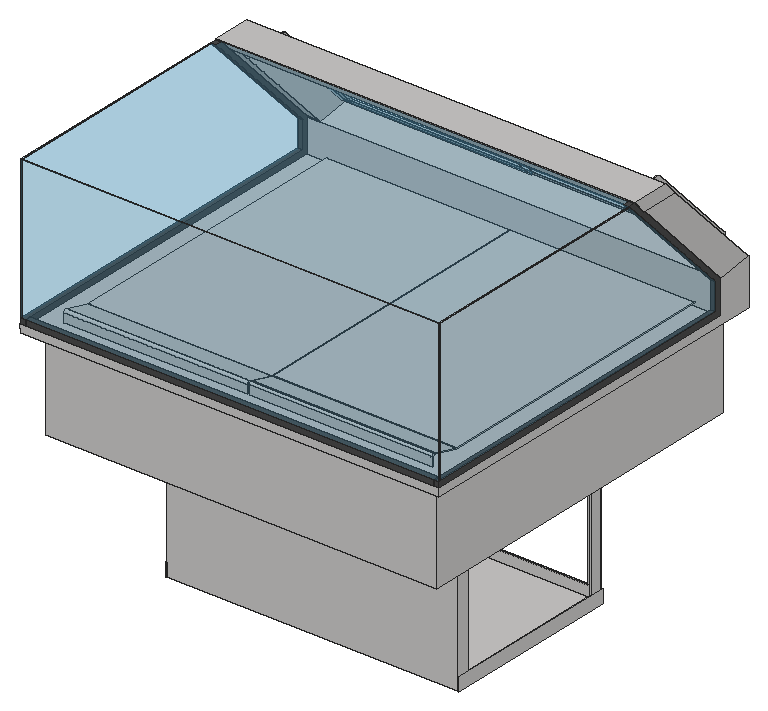
Revit family "QF_FESTIVE_ACDL9", category Specialty Equipment, Revit 2020
Family settings
  Round Connector Dimension = Use Diameter
  Part Type = Normal
  Work Plane-Based = No
  Always vertical = Yes
  Cut with Voids When Loaded = No
  Shared = No
  Room Calculation Point = No
Parameters (values of type "ACDL9")
  Weight in Pounds = 0
  Watts = if(Phase = 3, Volts * FL Amps * 1.73, Volts * FL Amps)  # 726 W
  Volts = 220 V
  URL Cutsheet = ""
  Specification by User = ""
  Specification by Manufacturer = ""
  Serial Number = ""
  Seismic Rating = ""
  SMACNA No = ""
  Revision Code = ""
  Phase = 1
  Number of Poles = 1
  NAFEM Spec ID Number = ""
  Model = "ACDL9"
  Min Ckt Ampacity = 0 A
  Max Overcurrent Protection = 0 A
  Masterspec = ""
  Manufacturer = "FESTIVE"
  Length = 900 mm
  Item Number = ""
  Installed By = ""
  Identify Quantity as Lot = yes
  Height = 335 mm
  HP = ""
  Glass 2 = Length > 1769 mm  # no
  Glass 1 = Length < 1769 mm  # yes
  Furnished By = ""
  Foodservice Equipment Identifier = yes
  FL Amps = 3.3 A
  Electrical Remarks = ""
  Electric Connection Type = ""
  Elec Conn RI Height = 0 mm
  Elec Conn Connection Height = 0 mm
  Description = "AVON LO: CHILLED DROP-IN"
  Depth = 830 mm
  Default Elevation = 0 mm
  Cycle = 50 Hz
  Cradle 2 [instance] = Length > 901 mm  # no
  Cradle 1 = Length < 901 mm  # yes
  Conn Plug = ""
  Conn Conduit = yes
  Center Post = Length > 1769 mm  # no
  CSI MasterFormat = ""
  Apparent Power = if(Phase = 3, Volts * FL Amps * 1.73, Volts * FL Amps)  # 726 VA
Reference planes
  plane 1 "BACK": y = 0
  plane 2: z = 0
  plane 3 "LEFT": x = 0
  plane 4 "RIGHT": x = 900
  plane 5 "FRONT": y = -830
  plane 6 "TOP": z = 335
  plane 7 "Center Y": x = 450
  plane 8 "Center X": y = -415
  plane 9: z = 100
  plane 10: x = 889
  plane 11: z = -520
  plane 12: z = -560
Forms (mm)
  Extrusion 1, solid, material "QF_Metal - Stainless - Satin", visible <- "Cradle 2", not visible
    sketch origin (900, -213.4, -387.009) x (0, 0, 1) y (1, 0, 0)
      loop
        line (387.009, -137.4) -> (27.009, -137.4) -> (27.009, -762.6) -> (387.009, -762.6) -> (387.009, -137.4)
      loop
        line (55, -734.4) -> (365.009, -734.4) -> (365.009, -164.4) -> (55, -164.4) -> (55, -734.4)
    from 0 to -2
  Extrusion 2, solid, material "QF_Metal - Stainless - Satin", visible <- "Cradle 2", not visible
    sketch origin (141.4, 0, 0) x (0, 1, 0) y (0, 0, 1)
      loop
        line (-215.4, 0) -> (-240, 0) -> (-240, -360) -> (-215.4, -360) -> (-215.4, 0)
    from -4 to -1.6
  Extrusion 3, solid, material "QF_Metal - Stainless - Satin", visible <- "Cradle 2", not visible
    sketch origin (900, 0, 0) x (0, -1, 0) y (0, 0, 1)
      loop
        line (215.4, 0) -> (215.4, -360) -> (240, -360) -> (240, 0) -> (215.4, 0)
    from 139.796 to 137.4
  Extrusion 4, solid, material "QF_Metal - Stainless - Satin", visible <- "Cradle 2", not visible
    sketch origin (0, 0, 0) x (0, 1, 0) y (0, 0, 1)
      loop
        line (-52, 0) -> (-213.4, 0) -> (-213.4, -122) -> (-52, -122) -> (-52, 0)
    from 239 to 660
  Extrusion 5, solid, material "QF_Metal - Stainless - Satin", visible <- "Cradle 2", not visible
    sketch origin (0, -50.8, 53.113) x (0, 0, -1) y (-1, 0, 0)
      loop
        line (55.113, -660) -> (175.113, -660) -> (175.113, -239) -> (55.113, -239) -> (55.113, -660)
    from 0 to 2
  Extrusion 6, solid, material "QF_Plastic - Black - Smooth", visible <- "Cradle 2", not visible
    sketch origin (14, -48.8, 53.113) x (0, 0, -1) y (-1, 0, 0)
      loop
        line (147.213, -308.95) -> (147.213, -294.95) -> (115.213, -294.95) -> (115.213, -308.95) -> (147.213, -308.95)
      loop
        line (147.213, -278.75) -> (147.213, -264.75) -> (115.213, -264.75) -> (115.213, -278.75) -> (147.213, -278.75)
      loop
        line (145.213, -306.95) -> (145.213, -296.95) -> (117.213, -296.95) -> (117.213, -306.95) -> (145.213, -306.95)
      loop
        line (145.213, -276.75) -> (145.213, -266.75) -> (117.213, -266.75) -> (117.213, -276.75) -> (145.213, -276.75)
      loop
        arc (112.863, -404.2) -> (131.113, -408.012) -> (149.363, -404.2) r 45.59
        line (149.363, -404.2) -> (149.363, -330.2)
        arc (149.363, -330.2) -> (131.113, -326.725) -> (112.863, -330.2) r 49.66
        line (112.863, -330.2) -> (112.863, -404.2)
    from 0 to 3
  Extrusion 7, solid, material "QF_Plastic - Red - Smooth", visible <- "Cradle 2", not visible
    sketch origin (290.75, -48.8, -92.1) x (0, 0, 1) y (0, 1, 0)
      loop
        line (0, 7.232) -> (0, 0) -> (28, 0) -> (28, 4.784)
        arc (28, 4.784) -> (13.954, 5.478) -> (0, 7.232) r 185.903
    from 0 to 10
  Extrusion 8, solid, material "QF_Plastic - Red - Smooth", visible <- "Cradle 2", not visible
    sketch origin (290.75, -48.8, -92.1) x (0, 0, 1) y (0, 1, 0)
      loop
        line (0, 7.232) -> (0, 0) -> (28, 0) -> (28, 4.784)
        arc (28, 4.784) -> (13.954, 5.478) -> (0, 7.232) r 185.903
    from -30.2 to -20.2
  Extrusion 9, solid, material "QF_Metal - Stainless - Satin", visible <- "Cradle 2", not visible
    sketch origin (0, -1.8, 0) x (0, 1, 0) y (0, 0, 1)
      loop
        line (-570, 0) -> (-596.6, 0) -> (-596.6, -360) -> (-570, -360) -> (-570, 0)
    from 137.4 to 762.6
  Extrusion 10, void, not visible
    sketch origin (137.4, 0, 0) x (0, 1, 0) y (0, 0, 1)
      loop
        circle (-289.925, -281.443) r 8.149
    from 0 to 3.2
  Extrusion 11, solid, material "QF_Metal - Stainless - Satin"
    sketch origin (0, 0, -200) x (0, 1, 0) y (0, 0, 1)
      loop
        line (0, 200) -> (0, 300) -> (-75.2, 287.871) -> (-75.2, 217) -> (-830, 217) -> (-830, 200) -> (0, 200)
    from 0 to 900
  Extrusion 12, solid, material "QF_Plastic - Black - Smooth"
    sketch origin (0, 0, -200) x (0, 1, 0) y (0, 0, 1)
      loop
        line (-830, 217) -> (-818, 217) -> (-818, 229) -> (-830, 229) -> (-830, 217)
    from 11 to 889
  Extrusion 13, solid, material "QF_Metal - Stainless - Satin"
    sketch origin (900, 0, -200) x (0, 1, 0) y (0, 0, -1)
      loop
        line (-715.062, -224.6) -> (-75.2, -224.6) -> (-75.2, -223.6) -> (-715.33, -223.6) -> (-715.062, -224.6)
      loop
        line (-780, -217) -> (-780, -235.604)
        arc (-780, -235.604) -> (-778.032, -239.534) -> (-773.706, -240.312) r 4.908
        line (-773.706, -240.312) -> (-773.965, -239.347)
        arc (-773.965, -239.347) -> (-777.439, -238.63) -> (-779, -235.445) r 4.03
        line (-779, -235.445) -> (-779, -217) -> (-780, -217)
    from 54 to 448
  Extrusion 14, solid, material "Glass"
    sketch origin (0, 0, -200) x (0, -1, 0) y (0, 0, 1)
      loop
        line (828, 533) -> (303.463, 533) -> (301.574, 531) -> (826, 531) -> (826, 217) -> (828, 217) -> (828, 533)
    from 0 to -900
  Extrusion 15, solid, material "QF_Metal - Stainless - Satin"
    sketch origin (449, -425, -200) x (1, 0, 0) y (0, 1, 0)
      loop
        line (-419, -375) -> (421, -375) -> (421, 395) -> (-419, 395) -> (-419, -375)
    from 0 to -200
  Extrusion 16, solid, material "QF_Metal - Stainless - Satin"
    sketch origin (0, 65.025, -271.149) x (0, 0.985557, 0.169345) y (0, -0.169345, 0.985557)
      loop
        line (-76.81, 381.021) -> (-77.401, 377.581) -> (-1.233, 376.8) -> (-159.726, 615.174) -> (-241.884, 629.29) -> (-76.81, 381.021)
    from 0 to 40
  Extrusion 17, solid, material "QF_Metal - Stainless - Satin"
    sketch origin (40, 65.025, -271.149) x (0, 0.985557, 0.169345) y (0, -0.169345, 0.985557)
      loop
        line (-159.726, 615.174) -> (-180.222, 645.999) -> (-262.379, 660.116) -> (-241.884, 629.29) -> (-159.726, 615.174)
    from -40 to 860
  Extrusion 18, solid, material "QF_Metal - Stainless - Satin"
    sketch origin (0, 0, -188) x (0, 1, 0) y (0, 0, 1)
      loop
        line (-780, 205) -> (-779, 205) -> (-779, 223.445)
        arc (-779, 223.445) -> (-777.439, 226.63) -> (-773.965, 227.347) r 4.03
        line (-773.965, 227.347) -> (-773.706, 228.312)
        arc (-773.706, 228.312) -> (-778.032, 227.534) -> (-780, 223.604) r 4.908
        line (-780, 223.604) -> (-780, 205)
      loop
        line (-715.062, 212.6) -> (-715.33, 211.6) -> (-75.2, 211.6) -> (-75.2, 212.6) -> (-715.062, 212.6)
    from 54 to 448
  Extrusion 19, solid, material "QF_Metal - Stainless - Satin"
    sketch origin (0, -79.381, -365.812) x (1, 0, 0) y (0, 0.965932, -0.258796)
      loop
        line (448, -715.062) -> (54, -715.062) -> (54, -773.706) -> (448, -773.706) -> (448, -715.062)
      loop
        line (452, -715.062) -> (452, -773.706) -> (846, -773.706) -> (846, -715.062) -> (452, -715.062)
    from 211.6 to 212.6
  Extrusion 20, solid, material "QF_Metal - Stainless - Satin"
    sketch origin (40, -216.994, 329.71) x (0, -0.6867, 0.726941) y (1, 0, 0)
      loop
        line (-300.996, 0) -> (-300.996, 820) -> (-315.996, 820) -> (-315.996, 0) -> (-300.996, 0)
    from 0 to -5
  Extrusion 21, solid, material "QF_Plastic - Black - Smooth"
    sketch origin (0, 0, -200) x (0, 1, 0) y (0, 0, 1)
      loop
        line (-86, 287.066) -> (-86, 229) -> (-830, 229) -> (-830, 217) -> (-75.2, 217) -> (-75.2, 291.361) -> (-303.463, 533) -> (-318.32, 533) -> (-86, 287.066)
    from 0 to 11
  Extrusion 22, solid, material "QF_Metal - Stainless - Satin"
    sketch origin (0, 65.025, -271.149) x (0, 0.985557, 0.169345) y (0, -0.169345, 0.985557)
      loop
        line (-76.81, 381.021) -> (-77.401, 377.581) -> (-1.233, 376.8) -> (-159.726, 615.174) -> (-241.884, 629.29) -> (-76.81, 381.021)
    from 0 to 40
  Extrusion 23, solid, material "QF_Plastic - Black - Smooth"
    sketch origin (900, 0, 0) x (0, -1, 0) y (0, 0, 1)
      loop
        line (86, 87.066) -> (320.209, 335) -> (305.352, 335) -> (75.2, 91.361) -> (75.2, 17) -> (830, 17) -> (830, 29) -> (86, 29) -> (86, 87.066)
    from 0 to 11
  Extrusion 24, solid, material "QF_Metal - Stainless - Satin"
    sketch origin (900, 0, 0) x (0, -1, 0) y (0, 0, 1)
      loop
        line (75.2, 91.361) -> (279.932, 308.09) -> (196.571, 308.09) -> (0, 100) -> (75.2, 87.871) -> (75.2, 91.361)
    from 0 to 40
  Extrusion 25, solid, material "QF_Metal - Stainless - Satin", visible <- "Cradle 2"
    sketch origin (899.4, -222.5, -587.009) x (0, 0, 1) y (1, 0, 0)
      loop
        line (387.009, -137.4) -> (27.009, -137.4) -> (27.009, -762.6) -> (387.009, -762.6) -> (387.009, -137.4)
      loop
        line (55, -734.4) -> (365.009, -734.4) -> (365.009, -164.4) -> (55, -164.4) -> (55, -734.4)
    from 0 to -2
  Extrusion 26, solid, material "QF_Metal - Stainless - Satin", visible <- "Cradle 2"
    sketch origin (140.8, -9.1, -200) x (0, 1, 0) y (0, 0, 1)
      loop
        line (-215.4, 0) -> (-240, 0) -> (-240, -360) -> (-215.4, -360) -> (-215.4, 0)
    from -4 to -1.6
  Extrusion 27, solid, material "QF_Metal - Stainless - Satin", visible <- "Cradle 2"
    sketch origin (899.4, -9.1, -200) x (0, -1, 0) y (0, 0, 1)
      loop
        line (215.4, 0) -> (215.4, -360) -> (240, -360) -> (240, 0) -> (215.4, 0)
    from 139.796 to 137.4
  Extrusion 28, solid, material "QF_Metal - Stainless - Satin", visible <- "Cradle 2"
    sketch origin (-0.6, -9.1, -200) x (0, 1, 0) y (0, 0, 1)
      loop
        line (-52, 0) -> (-213.4, 0) -> (-213.4, -122) -> (-52, -122) -> (-52, 0)
    from 239 to 660
  Extrusion 29, solid, material "QF_Metal - Stainless - Satin", visible <- "Cradle 2"
    sketch origin (-0.6, -59.9, -146.887) x (0, 0, -1) y (-1, 0, 0)
      loop
        line (55.113, -660) -> (175.113, -660) -> (175.113, -239) -> (55.113, -239) -> (55.113, -660)
    from 0 to 2
  Extrusion 30, solid, material "QF_Plastic - Black - Smooth", visible <- "Cradle 2"
    sketch origin (13.4, -57.9, -146.887) x (0, 0, -1) y (-1, 0, 0)
      loop
        line (147.213, -308.95) -> (147.213, -294.95) -> (115.213, -294.95) -> (115.213, -308.95) -> (147.213, -308.95)
      loop
        line (147.213, -278.75) -> (147.213, -264.75) -> (115.213, -264.75) -> (115.213, -278.75) -> (147.213, -278.75)
      loop
        line (145.213, -306.95) -> (145.213, -296.95) -> (117.213, -296.95) -> (117.213, -306.95) -> (145.213, -306.95)
      loop
        line (145.213, -276.75) -> (145.213, -266.75) -> (117.213, -266.75) -> (117.213, -276.75) -> (145.213, -276.75)
      loop
        arc (112.863, -404.2) -> (131.113, -408.012) -> (149.363, -404.2) r 45.59
        line (149.363, -404.2) -> (149.363, -330.2)
        arc (149.363, -330.2) -> (131.113, -326.725) -> (112.863, -330.2) r 49.66
        line (112.863, -330.2) -> (112.863, -404.2)
    from 0 to 3
  Extrusion 31, solid, material "QF_Plastic - Red - Smooth", visible <- "Cradle 2"
    sketch origin (290.15, -57.9, -292.1) x (0, 0, 1) y (0, 1, 0)
      loop
        line (0, 7.232) -> (0, 0) -> (28, 0) -> (28, 4.784)
        arc (28, 4.784) -> (13.954, 5.478) -> (0, 7.232) r 185.903
    from 0 to 10
  Extrusion 32, solid, material "QF_Plastic - Red - Smooth", visible <- "Cradle 2"
    sketch origin (290.15, -57.9, -292.1) x (0, 0, 1) y (0, 1, 0)
      loop
        line (0, 7.232) -> (0, 0) -> (28, 0) -> (28, 4.784)
        arc (28, 4.784) -> (13.954, 5.478) -> (0, 7.232) r 185.903
    from -30.2 to -20.2
  Extrusion 33, solid, material "QF_Metal - Stainless - Satin", visible <- "Cradle 2"
    sketch origin (-0.6, -10.9, -200) x (0, 1, 0) y (0, 0, 1)
      loop
        line (-570, 0) -> (-596.6, 0) -> (-596.6, -360) -> (-570, -360) -> (-570, 0)
    from 137.4 to 762.6
  Extrusion 34, void
    sketch origin (136.8, -9.1, -200) x (0, 1, 0) y (0, 0, 1)
      loop
        circle (-289.925, -281.443) r 8.149
    from 0 to 3.2
  Extrusion 35, solid, material "QF_Metal - Stainless - Satin"
    sketch origin (325, -200.206, 304.657) x (0, -0.6867, 0.726941) y (1, 0, 0)
      loop
        line (0, -285) -> (0, -265) -> (-271.255, -265) -> (-271.255, -285) -> (0, -285)
    from 0 to 3.2
  Extrusion 36, solid, material "QF_Metal - Stainless - Satin"
    sketch origin (60, -13.935, 107.471) x (0, -0.6867, 0.726941) y (0, -0.726941, -0.6867)
      loop
        line (271.255, -3.2) -> (0, -3.2) -> (0, -8.2)
        arc (0, -8.2) -> (2.929, -15.271) -> (10, -18.2) r 10
        line (10, -18.2) -> (261.255, -18.2)
        arc (261.255, -18.2) -> (268.326, -15.271) -> (271.255, -8.2) r 10
        line (271.255, -8.2) -> (271.255, -3.2)
    from -9 to -11
  Extrusion 37, solid, material "QF_Metal - Stainless - Satin"
    sketch origin (875, -196.571, 308.09) x (0, -0.6867, 0.726941) y (1, 0, 0)
      loop
        line (0, -15) -> (-271.255, -15) -> (-271.255, -35) -> (0, -35) -> (0, -15)
    from 0 to 3.2
  Extrusion 38, solid, material "QF_Metal - Stainless - Satin"
    sketch origin (840, -10.301, 110.904) x (0, -0.6867, 0.726941) y (0, 0.726941, 0.6867)
      loop
        line (271.255, 3.2) -> (271.255, 8.2)
        arc (271.255, 8.2) -> (268.326, 15.271) -> (261.255, 18.2) r 10
        line (261.255, 18.2) -> (10, 18.2)
        arc (10, 18.2) -> (2.929, 15.271) -> (0, 8.2) r 10
        line (0, 8.2) -> (0, 3.2) -> (271.255, 3.2)
    from -9 to -11
  Extrusion 39, solid, material "QF_Metal - Stainless - Satin", visible <- "Center Post"
    sketch origin (450, 175.397, 1219.2) x (0, 1, 0) y (0, 0, 1)
      loop
        line (-371.969, -911.11) -> (-470.186, -911.11) -> (-260.629, -1132.947) -> (-175.397, -1119.2) -> (-371.969, -911.11)
    from -20 to 20
  Extrusion 40, solid, material "QF_Metal - Stainless - Satin", visible <- "Cradle 2"
    sketch origin (-0.6, -607.571, -560) x (1, 0, 0) y (0, -1, 0)
      loop
        line (762.6, -28.471) -> (137.4, -28.471) -> (137.4, -383.071) -> (762.6, -383.071) -> (762.6, -28.471)
    from 0 to -5
  Extrusion 41, solid, material "QF_Metal - Stainless - Satin", visible <- "Cradle 2"
    sketch origin (899.4, -9.1, -160) x (0, -1, 0) y (0, 0, 1)
      loop
        line (213.4, -372.009) -> (213.4, -400) -> (598.4, -400) -> (598.4, -372.009) -> (213.4, -372.009)
    from 137.4 to 135
  Extrusion 42, solid, material "QF_Metal - Stainless - Satin", visible <- "Cradle 2"
    sketch origin (-0.6, -9.1, -160) x (0, 1, 0) y (0, 0, 1)
      loop
        line (-213.4, -372.009) -> (-598.4, -372.009) -> (-598.4, -400) -> (-213.4, -400) -> (-213.4, -372.009)
    from 135 to 137.4
  Extrusion 43, solid, material "QF_Metal - Stainless - Satin", visible <- "Cradle 2", not visible
    sketch origin (0, -598.471, -360) x (1, 0, 0) y (0, -1, 0)
      loop
        line (762.6, -28.471) -> (137.4, -28.471) -> (137.4, -383.071) -> (762.6, -383.071) -> (762.6, -28.471)
    from 0 to -5
  Extrusion 44, solid, material "QF_Metal - Stainless - Satin", visible <- "Cradle 2", not visible
    sketch origin (900, 0, 40) x (0, -1, 0) y (0, 0, 1)
      loop
        line (213.4, -372.009) -> (213.4, -400) -> (598.4, -400) -> (598.4, -372.009) -> (213.4, -372.009)
    from 137.4 to 135
  Extrusion 45, solid, material "QF_Metal - Stainless - Satin", visible <- "Cradle 2", not visible
    sketch origin (0, 0, 40) x (0, 1, 0) y (0, 0, 1)
      loop
        line (-213.4, -372.009) -> (-598.4, -372.009) -> (-598.4, -400) -> (-213.4, -400) -> (-213.4, -372.009)
    from 135 to 137.4
  Extrusion 46, solid, material "QF_Metal - Stainless - Satin", visible <- "Cradle 1", not visible
    sketch origin (2199.4, -222.5, -587.009) x (0, 0, 1) y (1, 0, 0)
      loop
        line (387.009, -137.4) -> (67.009, -137.4) -> (67.009, -762.6) -> (387.009, -762.6) -> (387.009, -137.4)
      loop
        line (365.009, -734.4) -> (365.009, -164.4) -> (95, -164.4) -> (95, -734.4) -> (365.009, -734.4)
    from 0 to -2
  Extrusion 47, solid, material "QF_Metal - Stainless - Satin", visible <- "Cradle 1", not visible
    sketch origin (1440.8, -9.1, -200) x (0, 1, 0) y (0, 0, 1)
      loop
        line (-215.4, 0) -> (-240, 0) -> (-240, -320) -> (-215.4, -320) -> (-215.4, 0)
    from -4 to -1.6
  Extrusion 48, solid, material "QF_Metal - Stainless - Satin", visible <- "Cradle 1", not visible
    sketch origin (2199.4, -9.1, -200) x (0, -1, 0) y (0, 0, 1)
      loop
        line (215.4, 0) -> (215.4, -320) -> (240, -320) -> (240, 0) -> (215.4, 0)
    from 139.796 to 137.4
  Extrusion 49, solid, material "QF_Metal - Stainless - Satin", visible <- "Cradle 1", not visible
    sketch origin (1299.4, -9.1, -200) x (0, 1, 0) y (0, 0, 1)
      loop
        line (-52, 0) -> (-213.4, 0) -> (-213.4, -122) -> (-52, -122) -> (-52, 0)
    from 239 to 660
  Extrusion 50, solid, material "QF_Metal - Stainless - Satin", visible <- "Cradle 1", not visible
    sketch origin (1299.4, -59.9, -146.887) x (0, 0, -1) y (-1, 0, 0)
      loop
        line (55.113, -660) -> (175.113, -660) -> (175.113, -239) -> (55.113, -239) -> (55.113, -660)
    from 0 to 2
  Extrusion 51, solid, material "QF_Plastic - Black - Smooth", visible <- "Cradle 1", not visible
    sketch origin (1313.4, -57.9, -146.887) x (0, 0, -1) y (-1, 0, 0)
      loop
        line (147.213, -308.95) -> (147.213, -294.95) -> (115.213, -294.95) -> (115.213, -308.95) -> (147.213, -308.95)
      loop
        line (147.213, -278.75) -> (147.213, -264.75) -> (115.213, -264.75) -> (115.213, -278.75) -> (147.213, -278.75)
      loop
        line (145.213, -306.95) -> (145.213, -296.95) -> (117.213, -296.95) -> (117.213, -306.95) -> (145.213, -306.95)
      loop
        line (145.213, -276.75) -> (145.213, -266.75) -> (117.213, -266.75) -> (117.213, -276.75) -> (145.213, -276.75)
      loop
        arc (112.863, -404.2) -> (131.113, -408.012) -> (149.363, -404.2) r 45.59
        line (149.363, -404.2) -> (149.363, -330.2)
        arc (149.363, -330.2) -> (131.113, -326.725) -> (112.863, -330.2) r 49.66
        line (112.863, -330.2) -> (112.863, -404.2)
    from 0 to 3
  Extrusion 52, solid, material "QF_Plastic - Red - Smooth", visible <- "Cradle 1", not visible
    sketch origin (1590.15, -57.9, -292.1) x (0, 0, 1) y (0, 1, 0)
      loop
        line (0, 7.232) -> (0, 0) -> (28, 0) -> (28, 4.784)
        arc (28, 4.784) -> (13.954, 5.478) -> (0, 7.232) r 185.903
    from 0 to 10
  Extrusion 53, solid, material "QF_Plastic - Red - Smooth", visible <- "Cradle 1", not visible
    sketch origin (1590.15, -57.9, -292.1) x (0, 0, 1) y (0, 1, 0)
      loop
        line (0, 7.232) -> (0, 0) -> (28, 0) -> (28, 4.784)
        arc (28, 4.784) -> (13.954, 5.478) -> (0, 7.232) r 185.903
    from -30.2 to -20.2
  Extrusion 54, solid, material "QF_Metal - Stainless - Satin", visible <- "Cradle 1", not visible
    sketch origin (1299.4, -10.9, -200) x (0, 1, 0) y (0, 0, 1)
      loop
        line (-570, 0) -> (-596.6, 0) -> (-596.6, -320) -> (-570, -320) -> (-570, 0)
    from 137.4 to 762.6
  Extrusion 55, solid, material "QF_Metal - Stainless - Satin", visible <- "Cradle 1", not visible
    sketch origin (1299.4, -607.571, -520) x (1, 0, 0) y (0, -1, 0)
      loop
        line (762.6, -28.471) -> (137.4, -28.471) -> (137.4, -383.071) -> (762.6, -383.071) -> (762.6, -28.471)
    from 0 to -5
  Extrusion 56, solid, material "QF_Metal - Stainless - Satin", visible <- "Cradle 1", not visible
    sketch origin (2199.4, -9.1, -120) x (0, -1, 0) y (0, 0, 1)
      loop
        line (213.4, -372.009) -> (213.4, -400) -> (598.4, -400) -> (598.4, -372.009) -> (213.4, -372.009)
    from 137.4 to 135
  Extrusion 57, solid, material "QF_Metal - Stainless - Satin", visible <- "Cradle 1", not visible
    sketch origin (1299.4, -9.1, -120) x (0, 1, 0) y (0, 0, 1)
      loop
        line (-213.4, -372.009) -> (-598.4, -372.009) -> (-598.4, -400) -> (-213.4, -400) -> (-213.4, -372.009)
    from 135 to 137.4
  Extrusion 58, solid, material "QF_Metal - Stainless - Satin", visible <- "Cradle 1"
    sketch origin (899.4, -222.5, -587.009) x (0, 0, 1) y (1, 0, 0)
      loop
        line (387.009, -137.4) -> (67.009, -137.4) -> (67.009, -762.6) -> (387.009, -762.6) -> (387.009, -137.4)
      loop
        line (365.009, -734.4) -> (365.009, -164.4) -> (95, -164.4) -> (95, -734.4) -> (365.009, -734.4)
    from 0 to -2
  Extrusion 59, solid, material "QF_Metal - Stainless - Satin", visible <- "Cradle 1"
    sketch origin (140.8, -9.1, -200) x (0, 1, 0) y (0, 0, 1)
      loop
        line (-215.4, 0) -> (-240, 0) -> (-240, -320) -> (-215.4, -320) -> (-215.4, 0)
    from -4 to -1.6
  Extrusion 60, solid, material "QF_Metal - Stainless - Satin", visible <- "Cradle 1"
    sketch origin (899.4, -9.1, -200) x (0, -1, 0) y (0, 0, 1)
      loop
        line (215.4, 0) -> (215.4, -320) -> (240, -320) -> (240, 0) -> (215.4, 0)
    from 139.796 to 137.4
  Extrusion 61, solid, material "QF_Metal - Stainless - Satin", visible <- "Cradle 1"
    sketch origin (-0.6, -9.1, -200) x (0, 1, 0) y (0, 0, 1)
      loop
        line (-52, 0) -> (-213.4, 0) -> (-213.4, -122) -> (-52, -122) -> (-52, 0)
    from 239 to 660
  Extrusion 62, solid, material "QF_Metal - Stainless - Satin", visible <- "Cradle 1"
    sketch origin (-0.6, -59.9, -146.887) x (0, 0, -1) y (-1, 0, 0)
      loop
        line (55.113, -660) -> (175.113, -660) -> (175.113, -239) -> (55.113, -239) -> (55.113, -660)
    from 0 to 2
  Extrusion 63, solid, material "QF_Plastic - Black - Smooth", visible <- "Cradle 1"
    sketch origin (13.4, -57.9, -146.887) x (0, 0, -1) y (-1, 0, 0)
      loop
        line (147.213, -308.95) -> (147.213, -294.95) -> (115.213, -294.95) -> (115.213, -308.95) -> (147.213, -308.95)
      loop
        line (147.213, -278.75) -> (147.213, -264.75) -> (115.213, -264.75) -> (115.213, -278.75) -> (147.213, -278.75)
      loop
        line (145.213, -306.95) -> (145.213, -296.95) -> (117.213, -296.95) -> (117.213, -306.95) -> (145.213, -306.95)
      loop
        line (145.213, -276.75) -> (145.213, -266.75) -> (117.213, -266.75) -> (117.213, -276.75) -> (145.213, -276.75)
      loop
        arc (112.863, -404.2) -> (131.113, -408.012) -> (149.363, -404.2) r 45.59
        line (149.363, -404.2) -> (149.363, -330.2)
        arc (149.363, -330.2) -> (131.113, -326.725) -> (112.863, -330.2) r 49.66
        line (112.863, -330.2) -> (112.863, -404.2)
    from 0 to 3
  Extrusion 64, solid, material "QF_Plastic - Red - Smooth", visible <- "Cradle 1"
    sketch origin (290.15, -57.9, -292.1) x (0, 0, 1) y (0, 1, 0)
      loop
        line (0, 7.232) -> (0, 0) -> (28, 0) -> (28, 4.784)
        arc (28, 4.784) -> (13.954, 5.478) -> (0, 7.232) r 185.903
    from 0 to 10
  Extrusion 65, solid, material "QF_Plastic - Red - Smooth", visible <- "Cradle 1"
    sketch origin (290.15, -57.9, -292.1) x (0, 0, 1) y (0, 1, 0)
      loop
        line (0, 7.232) -> (0, 0) -> (28, 0) -> (28, 4.784)
        arc (28, 4.784) -> (13.954, 5.478) -> (0, 7.232) r 185.903
    from -30.2 to -20.2
  Extrusion 66, solid, material "QF_Metal - Stainless - Satin", visible <- "Cradle 1"
    sketch origin (-0.6, -10.9, -200) x (0, 1, 0) y (0, 0, 1)
      loop
        line (-570, 0) -> (-596.6, 0) -> (-596.6, -320) -> (-570, -320) -> (-570, 0)
    from 137.4 to 762.6
  Extrusion 67, solid, material "QF_Metal - Stainless - Satin", visible <- "Cradle 1"
    sketch origin (-0.6, -607.571, -520) x (1, 0, 0) y (0, -1, 0)
      loop
        line (762.6, -28.471) -> (137.4, -28.471) -> (137.4, -383.071) -> (762.6, -383.071) -> (762.6, -28.471)
    from 0 to -5
  Extrusion 68, solid, material "QF_Metal - Stainless - Satin", visible <- "Cradle 1"
    sketch origin (899.4, -9.1, -120) x (0, -1, 0) y (0, 0, 1)
      loop
        line (213.4, -372.009) -> (213.4, -400) -> (598.4, -400) -> (598.4, -372.009) -> (213.4, -372.009)
    from 137.4 to 135
  Extrusion 69, solid, material "QF_Metal - Stainless - Satin", visible <- "Cradle 1"
    sketch origin (-0.6, -9.1, -120) x (0, 1, 0) y (0, 0, 1)
      loop
        line (-213.4, -372.009) -> (-598.4, -372.009) -> (-598.4, -400) -> (-213.4, -400) -> (-213.4, -372.009)
    from 135 to 137.4
  Extrusion 70, solid, material "Glass"
    sketch origin (900, 0, 0) x (0, -1, 0) y (0, 0, 1)
      loop
        line (318.32, 333) -> (86, 87.066) -> (86, 29) -> (828, 29) -> (828, 333) -> (318.32, 333)
    from 0 to 3
  Extrusion 71, solid, material "Glass"
    sketch origin (0, 0, -200) x (0, 1, 0) y (0, 0, 1)
      loop
        line (-318.32, 533) -> (-828, 533) -> (-828, 217) -> (-86, 217) -> (-86, 287.066) -> (-318.32, 533)
    from 0 to 3
  Extrusion 72, solid, material "Glass", visible <- "Glass 1"
    sketch origin (325, -196.571, 308.09) x (0, -0.6867, 0.726941) y (1, 0, 0)
      loop
        line (0, 125) -> (-271.255, 125) -> (-271.255, -285) -> (0, -285) -> (0, 125)
    from -5 to -10
  Extrusion 73, solid, material "Glass", visible <- "Glass 1"
    sketch origin (875, -196.571, 308.09) x (0, -0.6867, 0.726941) y (1, 0, 0)
      loop
        line (0, -425) -> (0, -15) -> (-271.255, -15) -> (-271.255, -425) -> (0, -425)
    from 0 to -5
  Extrusion 74, solid, material "Glass", visible <- "Glass 2"
    sketch origin (40, 65.025, -271.149) x (0, 0.985557, 0.169345) y (0, -0.169345, 0.985557)
      loop
        line (-13.702, 386.523) -> (-163.89, 612.405) -> (-168.054, 609.637) -> (-17.866, 383.755) -> (-13.702, 386.523)
    from 0 to 390
  Extrusion 75, solid, material "Glass", visible <- "Glass 2"
    sketch origin (860, 0, 0) x (0, -1, 0) y (0, 0, 1)
      loop
        line (196.571, 308.09) -> (10.301, 110.904) -> (13.935, 107.471) -> (200.206, 304.657) -> (196.571, 308.09)
    from 0 to 390
Lines and regions (mm)
  Split face 1, not visible
    outline origin (14, -45.8, 53.113) x (0, 0, -1) y (-1, 0, 0)
      loop
        line (116.213, -355.957) -> (116.213, -395.454)
        arc (116.213, -395.454) -> (131.213, -398.842) -> (146.213, -395.454) r 34.9
        line (146.213, -395.454) -> (146.213, -355.957) -> (116.213, -355.957)
  Split face 2
    outline origin (13.4, -54.9, -146.887) x (0, 0, -1) y (-1, 0, 0)
      loop
        line (116.213, -355.957) -> (116.213, -395.454)
        arc (116.213, -395.454) -> (131.213, -398.842) -> (146.213, -395.454) r 34.9
        line (146.213, -395.454) -> (146.213, -355.957) -> (116.213, -355.957)
  Split face 3, not visible
    outline origin (1313.4, -54.9, -146.887) x (0, 0, -1) y (-1, 0, 0)
      loop
        line (116.213, -355.957) -> (116.213, -395.454)
        arc (116.213, -395.454) -> (131.213, -398.842) -> (146.213, -395.454) r 34.9
        line (146.213, -395.454) -> (146.213, -355.957) -> (116.213, -355.957)
  Split face 4
    outline origin (13.4, -54.9, -146.887) x (0, 0, -1) y (-1, 0, 0)
      loop
        line (116.213, -355.957) -> (116.213, -395.454)
        arc (116.213, -395.454) -> (131.213, -398.842) -> (146.213, -395.454) r 34.9
        line (146.213, -395.454) -> (146.213, -355.957) -> (116.213, -355.957)
  symbolic lines
    curve 1: line (54, -780, 0) -> (54, -305.352, 0)
    curve 2: line (54, -780, 0) -> (846, -780, 0)
    curve 3: line (846, -780, 0) -> (846, -305.352, 0)
    curve 4: line (54, -715.33, 0) -> (448, -715.33, 0)
    curve 5: line (448, -780, 0) -> (448, -305.352, 0)
    curve 6: line (452, -780, 0) -> (452, -305.352, 0)
    curve 7: line (0, -305.352, 0) -> (900, -305.352, 0)
    curve 8: line (0, -221.991, 0) -> (900, -221.991, 0)
    curve 9: line (900, -196.571, 0) -> (0, -196.571, 0)
    curve 10: line (0, 0, 0) -> (900, 0, 0)
    curve 11: line (0, -830, 0) -> (0, 0, 0)
    curve 12: line (900, -830, 0) -> (0, -830, 0)
    curve 13: line (900, 0, 0) -> (900, -830, 0)
    curve 14: line (889, -305.352, 0) -> (889, -830, 0)
    curve 15: line (11, -305.352, 0) -> (11, -830, 0)
    curve 16: line (40, -196.571, 0) -> (40, 0, 0)
    curve 17: line (860, -196.571, 0) -> (860, 0, 0)
    curve 18: line (40, -10.301, 0) -> (860, -10.301, 0)
    curve 19: line (846, -715.33, 0) -> (452, -715.33, 0)
    curve 20: line (60, -196.571, 0) -> (60, -10.301, 0)
    curve 21: line (440, -13.935, 0) -> (60, -13.935, 0)
    curve 22: line (440, -10.301, 0) -> (440, -196.571, 0)
    curve 23: line (840, -10.301, 0) -> (840, -196.571, 0)
Dimensions and locks
  equal spacing: plane 3 "LEFT", plane 7 "Center Y", plane 4 "RIGHT"
  "Length": plane 3 "LEFT" to plane 4 "RIGHT"
  equal spacing: plane 5 "FRONT", plane 8 "Center X", plane 1 "BACK"
  "Depth": plane 5 "FRONT" to plane 1 "BACK"
  "Height": plane 6 "TOP" to level
  plane 1 "BACK" to plane 5 "FRONT" = 830 mm
  plane 6 "TOP" to plane 9 to level to Extrusion 15 = 235 mm, 100 mm, 200 mm
  plane 1 "BACK" to Extrusion 15 = 30 mm
  Extrusion 15 to plane 5 "FRONT" = 30 mm
  Extrusion 25 to Extrusion 33 = 385 mm
  locked: plane 10 to plane 4 "RIGHT" at 11
  locked: Extrusion 29 to plane 7 "Center Y" at 209.4
  Extrusion 19 sketch curve to plane 7 "Center Y" to Extrusion 19 sketch curve = 2 mm locked, 2 mm locked
  Extrusion 13 to plane 7 "Center Y" to Extrusion 18 = 2 mm locked, 2 mm locked
  locked: Extrusion 13 to plane 4 "RIGHT" at 54
  Extrusion 15 to plane 11 = 320 mm
  Extrusion 15 to plane 12 = 360 mm
  Extrusion 66 to plane 7 "Center Y" to Extrusion 66 = 312 mm locked, 313.2 mm locked
  locked: plane 4 "RIGHT" to Extrusion 14
  plane 7 "Center Y" to Extrusion 73 = 0 mm
  plane 7 "Center Y" to Extrusion 72 = 0 mm
  Extrusion 37 sketch curve to Extrusion 37 sketch curve to plane 4 "RIGHT" = 20 mm locked, 40 mm locked
  aligned and locked: level to plane 2
  aligned and locked: Extrusion 11 to plane 4 "RIGHT"
  aligned and locked: Extrusion 17 to plane 4 "RIGHT"
  aligned and locked: plane 10 to Extrusion 12
  aligned and locked: curve 3 to Extrusion 19
  aligned and locked: Extrusion 14 to plane 4 "RIGHT"
  aligned and locked: plane 7 "Center Y" to Extrusion 72
  aligned and locked: Extrusion 73 to plane 7 "Center Y"
  aligned and locked: Extrusion 74 to Extrusion 39
  aligned and locked: Extrusion 75 to Extrusion 39
Automatic sketch dimensions
  Extrusion 2 sketch curve to Extrusion 2 sketch curve = 24.6 mm
  Extrusion 3 sketch curve to Extrusion 3 sketch curve = 24.6 mm
  Extrusion 4 sketch curve to Extrusion 4 sketch curve = 122 mm
  Extrusion 7 sketch curve to Extrusion 6 = 0 mm  (x3)
  Extrusion 6 to Extrusion 7 sketch curve = 2.15 mm
  Extrusion 7 sketch curve to Extrusion 6 = 1.784 mm
  Extrusion 7 sketch curve to Extrusion 6 = 4.232 mm
  Extrusion 8 sketch curve to Extrusion 6 = 0 mm  (x3)
  Extrusion 6 to Extrusion 8 sketch curve = 2.15 mm
  Extrusion 8 sketch curve to Extrusion 6 = 1.784 mm
  Extrusion 8 sketch curve to Extrusion 6 = 4.232 mm
  Extrusion 9 sketch curve to Extrusion 9 sketch curve = 26.6 mm
  Extrusion 5 sketch curve to Extrusion 5 sketch curve = 120 mm
  Extrusion 6 sketch curve to Extrusion 5 = 57.75 mm
  Extrusion 6 sketch curve to Extrusion 6 sketch curve = 2.35 mm
  Extrusion 6 sketch curve to Extrusion 6 sketch curve = 0 mm  (x3)
  Extrusion 6 sketch curve to Extrusion 6 sketch curve = 2 mm  (x8)
  Extrusion 6 sketch curve to Extrusion 6 sketch curve = 18.25 mm
  Extrusion 6 sketch curve to Extrusion 6 sketch curve = 28 mm
  Extrusion 6 sketch curve to Extrusion 6 sketch curve = 2.15 mm
  Extrusion 6 sketch curve to Extrusion 5 = 179.2 mm
  Extrusion 6 sketch curve to Extrusion 6 sketch curve = 27.816 mm
  Extrusion 6 sketch curve to Extrusion 6 sketch curve = 13.963 mm
  Extrusion 6 sketch curve to Extrusion 6 sketch curve = 32.222 mm
  Extrusion 6 sketch curve to Extrusion 6 sketch curve = 21.25 mm
  Extrusion 6 sketch curve to Extrusion 6 sketch curve = 10 mm  (x2)
  Extrusion 6 sketch curve to Extrusion 6 sketch curve = 16.2 mm
  Split face 1 sketch curve to Extrusion 6 = 1 mm  (x2)
  Extrusion 6 to Split face 1 sketch curve = 86.504 mm
  Split face 1 sketch curve to Split face 1 sketch curve = 31.512 mm
  Split face 1 sketch curve to Split face 1 sketch curve = 7.985 mm
  Split face 1 sketch curve to Split face 1 sketch curve = 15 mm
  Extrusion 10 sketch curve to Extrusion 2 = 49.925 mm
  Extrusion 2 to Extrusion 10 sketch curve = 78.557 mm
  Extrusion 2 sketch curve to Extrusion 2 sketch curve = 360 mm
  Extrusion 3 sketch curve to Extrusion 3 sketch curve = 360 mm
  Extrusion 4 sketch curve to Extrusion 4 sketch curve = 161.4 mm
  Extrusion 5 sketch curve to Extrusion 5 sketch curve = 421 mm
  Extrusion 9 sketch curve to Extrusion 9 sketch curve = 360 mm
  Extrusion 26 sketch curve to Extrusion 26 sketch curve = 24.6 mm
  Extrusion 27 sketch curve to Extrusion 27 sketch curve = 24.6 mm
  Extrusion 28 sketch curve to Extrusion 28 sketch curve = 122 mm
  Extrusion 31 sketch curve to Extrusion 30 = 0 mm  (x3)
  Extrusion 30 to Extrusion 31 sketch curve = 2.15 mm
  Extrusion 31 sketch curve to Extrusion 30 = 1.784 mm
  Extrusion 31 sketch curve to Extrusion 30 = 4.232 mm
  Extrusion 32 sketch curve to Extrusion 30 = 0 mm  (x3)
  Extrusion 30 to Extrusion 32 sketch curve = 2.15 mm
  Extrusion 32 sketch curve to Extrusion 30 = 1.784 mm
  Extrusion 32 sketch curve to Extrusion 30 = 4.232 mm
  Extrusion 33 sketch curve to Extrusion 33 sketch curve = 26.6 mm
  Extrusion 29 sketch curve to Extrusion 29 sketch curve = 120 mm
  Extrusion 30 sketch curve to Extrusion 29 = 57.75 mm
  Extrusion 30 sketch curve to Extrusion 30 sketch curve = 2.35 mm
  Extrusion 30 sketch curve to Extrusion 30 sketch curve = 0 mm  (x3)
  Extrusion 30 sketch curve to Extrusion 30 sketch curve = 2 mm  (x8)
  Extrusion 30 sketch curve to Extrusion 30 sketch curve = 18.25 mm
  Extrusion 30 sketch curve to Extrusion 30 sketch curve = 28 mm
  Extrusion 30 sketch curve to Extrusion 30 sketch curve = 2.15 mm
  Extrusion 30 sketch curve to Extrusion 29 = 179.2 mm
  Extrusion 30 sketch curve to Extrusion 30 sketch curve = 27.816 mm
  Extrusion 30 sketch curve to Extrusion 30 sketch curve = 13.963 mm
  Extrusion 30 sketch curve to Extrusion 30 sketch curve = 32.222 mm
  Extrusion 30 sketch curve to Extrusion 30 sketch curve = 21.25 mm
  Extrusion 30 sketch curve to Extrusion 30 sketch curve = 10 mm  (x2)
  Extrusion 30 sketch curve to Extrusion 30 sketch curve = 16.2 mm
  Split face 2 sketch curve to Extrusion 30 = 1 mm  (x2)
  Extrusion 30 to Split face 2 sketch curve = 86.504 mm
  Split face 2 sketch curve to Split face 2 sketch curve = 31.512 mm
  Split face 2 sketch curve to Split face 2 sketch curve = 7.985 mm
  Split face 2 sketch curve to Split face 2 sketch curve = 15 mm
  Extrusion 34 sketch curve to Extrusion 26 = 49.925 mm
  Extrusion 26 to Extrusion 34 sketch curve = 78.557 mm
  Extrusion 26 sketch curve to Extrusion 26 sketch curve = 360 mm
  Extrusion 27 sketch curve to Extrusion 27 sketch curve = 360 mm
  Extrusion 28 sketch curve to Extrusion 28 sketch curve = 161.4 mm
  Extrusion 29 sketch curve to Extrusion 29 sketch curve = 421 mm
  Extrusion 33 sketch curve to Extrusion 33 sketch curve = 360 mm
  Extrusion 40 sketch curve to Extrusion 40 sketch curve = 625.2 mm
  Extrusion 40 sketch curve to Extrusion 40 sketch curve = 354.6 mm
  Extrusion 25 sketch curve to Extrusion 25 sketch curve = 27.991 mm
  Extrusion 25 sketch curve to Extrusion 25 sketch curve = 310.009 mm
  Extrusion 25 sketch curve to Extrusion 25 sketch curve = 22 mm
  Extrusion 25 sketch curve to Extrusion 25 sketch curve = 28.2 mm
  Extrusion 25 sketch curve to Extrusion 25 sketch curve = 570 mm
  Extrusion 25 sketch curve to Extrusion 25 sketch curve = 27 mm
  Extrusion 41 sketch curve to Extrusion 41 sketch curve = 385 mm
  Extrusion 41 sketch curve to Extrusion 41 sketch curve = 27.991 mm
  Extrusion 42 sketch curve to Extrusion 42 sketch curve = 385 mm
  Extrusion 42 sketch curve to Extrusion 42 sketch curve = 27.991 mm
  Extrusion 1 sketch curve to Extrusion 1 sketch curve = 27.991 mm
  Extrusion 1 sketch curve to Extrusion 1 sketch curve = 310.009 mm
  Extrusion 1 sketch curve to Extrusion 1 sketch curve = 22 mm
  Extrusion 1 sketch curve to Extrusion 1 sketch curve = 28.2 mm
  Extrusion 1 sketch curve to Extrusion 1 sketch curve = 570 mm
  Extrusion 1 sketch curve to Extrusion 1 sketch curve = 27 mm
  Extrusion 47 sketch curve to Extrusion 47 sketch curve = 24.6 mm
  Extrusion 48 sketch curve to Extrusion 48 sketch curve = 24.6 mm
  Extrusion 49 sketch curve to Extrusion 49 sketch curve = 122 mm
  Extrusion 54 sketch curve to Extrusion 54 sketch curve = 26.6 mm
  Extrusion 46 sketch curve to Extrusion 46 sketch curve = 22 mm
  Extrusion 46 sketch curve to Extrusion 46 sketch curve = 28.2 mm
  Extrusion 46 sketch curve to Extrusion 46 sketch curve = 570 mm
  Extrusion 46 sketch curve to Extrusion 46 sketch curve = 27 mm
  Extrusion 50 sketch curve to Extrusion 50 sketch curve = 120 mm
  Extrusion 50 sketch curve to Extrusion 50 sketch curve = 421 mm
  Extrusion 51 sketch curve to Extrusion 50 = 57.75 mm
  Extrusion 51 sketch curve to Extrusion 51 sketch curve = 2.35 mm
  Extrusion 51 sketch curve to Extrusion 51 sketch curve = 0 mm  (x3)
  Extrusion 51 sketch curve to Extrusion 51 sketch curve = 2 mm  (x8)
  Extrusion 51 sketch curve to Extrusion 51 sketch curve = 18.25 mm
  Extrusion 51 sketch curve to Extrusion 51 sketch curve = 28 mm
  Extrusion 51 sketch curve to Extrusion 51 sketch curve = 2.15 mm
  Extrusion 51 sketch curve to Extrusion 50 = 179.2 mm
  Extrusion 51 sketch curve to Extrusion 51 sketch curve = 27.816 mm
  Extrusion 51 sketch curve to Extrusion 51 sketch curve = 13.963 mm
  Extrusion 51 sketch curve to Extrusion 51 sketch curve = 32.222 mm
  Extrusion 51 sketch curve to Extrusion 51 sketch curve = 21.25 mm
  Extrusion 51 sketch curve to Extrusion 51 sketch curve = 10 mm  (x2)
  Extrusion 51 sketch curve to Extrusion 51 sketch curve = 16.2 mm
  Extrusion 52 sketch curve to Extrusion 51 = 0 mm  (x3)
  Extrusion 51 to Extrusion 52 sketch curve = 2.15 mm
  Extrusion 52 sketch curve to Extrusion 51 = 1.784 mm
  Extrusion 52 sketch curve to Extrusion 51 = 4.232 mm
  Extrusion 53 sketch curve to Extrusion 51 = 0 mm  (x3)
  Extrusion 51 to Extrusion 53 sketch curve = 2.15 mm
  Extrusion 53 sketch curve to Extrusion 51 = 1.784 mm
  Extrusion 53 sketch curve to Extrusion 51 = 4.232 mm
  Split face 3 sketch curve to Extrusion 51 = 1 mm  (x2)
  Extrusion 51 to Split face 3 sketch curve = 14 mm
  Extrusion 51 to Split face 3 sketch curve = 86.504 mm
  Split face 3 sketch curve to Split face 3 sketch curve = 31.512 mm
  Split face 3 sketch curve to Split face 3 sketch curve = 7.985 mm
  Extrusion 55 sketch curve to Extrusion 55 sketch curve = 625.2 mm
  Extrusion 46 sketch curve to Extrusion 46 sketch curve = 27.991 mm
  Extrusion 46 sketch curve to Extrusion 46 sketch curve = 270.009 mm
  Extrusion 47 sketch curve to Extrusion 47 sketch curve = 320 mm
  Extrusion 48 sketch curve to Extrusion 48 sketch curve = 320 mm
  Extrusion 49 sketch curve to Extrusion 49 sketch curve = 161.4 mm
  Extrusion 54 sketch curve to Extrusion 54 sketch curve = 320 mm
  Extrusion 55 sketch curve to Extrusion 55 sketch curve = 354.6 mm
  Extrusion 56 sketch curve to Extrusion 56 sketch curve = 385 mm
  Extrusion 56 sketch curve to Extrusion 56 sketch curve = 27.991 mm
  Extrusion 57 sketch curve to Extrusion 57 sketch curve = 385 mm
  Extrusion 57 sketch curve to Extrusion 57 sketch curve = 27.991 mm
  Extrusion 59 sketch curve to Extrusion 59 sketch curve = 24.6 mm
  Extrusion 60 sketch curve to Extrusion 60 sketch curve = 24.6 mm
  Extrusion 61 sketch curve to Extrusion 61 sketch curve = 122 mm
  Extrusion 66 sketch curve to Extrusion 66 sketch curve = 26.6 mm
  Extrusion 58 sketch curve to Extrusion 58 sketch curve = 22 mm
  Extrusion 58 sketch curve to Extrusion 58 sketch curve = 28.2 mm
  Extrusion 58 sketch curve to Extrusion 58 sketch curve = 570 mm
  Extrusion 58 sketch curve to Extrusion 58 sketch curve = 27 mm
  Extrusion 62 sketch curve to Extrusion 62 sketch curve = 120 mm
  Extrusion 62 sketch curve to Extrusion 62 sketch curve = 421 mm
  Extrusion 63 sketch curve to Extrusion 62 = 57.75 mm
  Extrusion 63 sketch curve to Extrusion 63 sketch curve = 2.35 mm
  Extrusion 63 sketch curve to Extrusion 63 sketch curve = 0 mm  (x3)
  Extrusion 63 sketch curve to Extrusion 63 sketch curve = 2 mm  (x8)
  Extrusion 63 sketch curve to Extrusion 63 sketch curve = 18.25 mm
  Extrusion 63 sketch curve to Extrusion 63 sketch curve = 28 mm
  Extrusion 63 sketch curve to Extrusion 63 sketch curve = 2.15 mm
  Extrusion 63 sketch curve to Extrusion 62 = 179.2 mm
  Extrusion 63 sketch curve to Extrusion 63 sketch curve = 27.816 mm
  Extrusion 63 sketch curve to Extrusion 63 sketch curve = 13.963 mm
  Extrusion 63 sketch curve to Extrusion 63 sketch curve = 32.222 mm
  Extrusion 63 sketch curve to Extrusion 63 sketch curve = 21.25 mm
  Extrusion 63 sketch curve to Extrusion 63 sketch curve = 10 mm  (x2)
  Extrusion 63 sketch curve to Extrusion 63 sketch curve = 16.2 mm
  Extrusion 64 sketch curve to Extrusion 63 = 0 mm  (x3)
  Extrusion 63 to Extrusion 64 sketch curve = 2.15 mm
  Extrusion 64 sketch curve to Extrusion 63 = 1.784 mm
  Extrusion 64 sketch curve to Extrusion 63 = 4.232 mm
  Extrusion 65 sketch curve to Extrusion 63 = 0 mm  (x3)
  Extrusion 63 to Extrusion 65 sketch curve = 2.15 mm
  Extrusion 65 sketch curve to Extrusion 63 = 1.784 mm
  Extrusion 65 sketch curve to Extrusion 63 = 4.232 mm
  Split face 4 sketch curve to Extrusion 63 = 1 mm  (x2)
  Extrusion 63 to Split face 4 sketch curve = 14 mm
  Extrusion 63 to Split face 4 sketch curve = 86.504 mm
  Split face 4 sketch curve to Split face 4 sketch curve = 31.512 mm
  Split face 4 sketch curve to Split face 4 sketch curve = 7.985 mm
  Extrusion 67 sketch curve to Extrusion 67 sketch curve = 625.2 mm
  Extrusion 58 sketch curve to Extrusion 58 sketch curve = 27.991 mm
  Extrusion 58 sketch curve to Extrusion 58 sketch curve = 270.009 mm
  Extrusion 59 sketch curve to Extrusion 59 sketch curve = 320 mm
  Extrusion 60 sketch curve to Extrusion 60 sketch curve = 320 mm
  Extrusion 61 sketch curve to Extrusion 61 sketch curve = 161.4 mm
  Extrusion 66 sketch curve to Extrusion 66 sketch curve = 320 mm
  Extrusion 67 sketch curve to Extrusion 67 sketch curve = 354.6 mm
  Extrusion 68 sketch curve to Extrusion 68 sketch curve = 385 mm
  Extrusion 68 sketch curve to Extrusion 68 sketch curve = 27.991 mm
  Extrusion 69 sketch curve to Extrusion 69 sketch curve = 385 mm
  Extrusion 69 sketch curve to Extrusion 69 sketch curve = 27.991 mm
  curve 12 to plane 3 "LEFT" = 0 mm
  plane 5 "FRONT" to curve 15 = 0 mm
  plane 1 "BACK" to curve 16 = 0 mm
  curve 14 to plane 10 = 0 mm
  curve 13 to plane 4 "RIGHT" = 0 mm
  plane 3 "LEFT" to curve 2 = 54 mm
  curve 1 to plane 5 "FRONT" = 50 mm
  curve 11 to curve 15 = 11 mm
  curve 9 to curve 16 = 40 mm
  curve 18 to curve 21 = 20 mm
  curve 21 to plane 7 "Center Y" = 10 mm
  curve 4 to plane 7 "Center Y" = 2 mm
  plane 7 "Center Y" to curve 6 = 2 mm
  curve 23 to plane 10 = 49 mm
  curve 23 to curve 18 = 20 mm
  curve 5 to curve 4 = 64.67 mm
  curve 4 to curve 19 = 0 mm
  plane 8 "Center X" to curve 7 = 109.648 mm
  curve 7 to curve 8 = 83.361 mm
  curve 5 to curve 22 = 108.781 mm
  plane 1 "BACK" to curve 21 = 13.935 mm
  curve 21 to curve 22 = 3.635 mm
  Extrusion 11 sketch curve to level = 0 mm
  Extrusion 11 sketch curve to plane 5 "FRONT" = 0 mm
  Extrusion 11 sketch curve to plane 1 "BACK" = 0 mm
  Extrusion 11 sketch curve to plane 9 = 0 mm
  level to Extrusion 11 sketch curve = 17 mm
  plane 1 "BACK" to Extrusion 11 sketch curve = 75.2 mm
  Extrusion 11 sketch curve to plane 9 = 12.129 mm
  Extrusion 12 sketch curve to plane 5 "FRONT" = 0 mm
  Extrusion 12 sketch curve to Extrusion 12 sketch curve = 12 mm  (x2)
  level to Extrusion 12 sketch curve = 17 mm
  level to Extrusion 13 sketch curve = 17 mm
  Extrusion 13 sketch curve to plane 5 "FRONT" = 50 mm
  Extrusion 13 sketch curve to Extrusion 13 sketch curve = 1 mm
  Extrusion 13 sketch curve to Extrusion 13 sketch curve = 3.908 mm
  Extrusion 13 sketch curve to Extrusion 13 sketch curve = 0.122 mm
  Extrusion 13 sketch curve to Extrusion 13 sketch curve = 1.128 mm
  Extrusion 13 sketch curve to Extrusion 13 sketch curve = 0.258 mm
  level to Extrusion 13 sketch curve = 23.6 mm
  Extrusion 13 sketch curve to Extrusion 13 sketch curve = 58.635 mm
  level to Extrusion 13 sketch curve = 24.6 mm
  Extrusion 13 sketch curve to Extrusion 13 sketch curve = 0.268 mm
  plane 1 "BACK" to Extrusion 13 sketch curve = 75.2 mm
  Extrusion 13 sketch curve to Extrusion 13 sketch curve = 18.445 mm
  Extrusion 13 sketch curve to Extrusion 13 sketch curve = 0.159 mm
  Extrusion 14 sketch curve to plane 6 "TOP" = 4 mm
  plane 8 "Center X" to Extrusion 14 sketch curve = 113.426 mm
  Extrusion 14 sketch curve to Extrusion 14 sketch curve = 1.889 mm
  Extrusion 14 sketch curve to plane 5 "FRONT" = 4 mm
  Extrusion 14 sketch curve to plane 5 "FRONT" = 2 mm
  level to Extrusion 14 sketch curve = 17 mm
  Extrusion 14 sketch curve to plane 6 "TOP" = 2 mm
  Extrusion 15 sketch curve to plane 3 "LEFT" = 30 mm
  plane 10 to Extrusion 15 sketch curve = 19 mm
  Extrusion 15 sketch curve to plane 1 "BACK" = 30 mm
  plane 5 "FRONT" to Extrusion 15 sketch curve = 30 mm
  Extrusion 16 sketch curve to plane 1 "BACK" = 0 mm
  Extrusion 16 sketch curve to plane 9 = 0 mm
  Extrusion 16 sketch curve to Extrusion 16 sketch curve = 75.577 mm
  Extrusion 16 sketch curve to Extrusion 16 sketch curve = 0.591 mm
  Extrusion 16 sketch curve to Extrusion 16 sketch curve = 82.916 mm
  Extrusion 16 sketch curve to Extrusion 16 sketch curve = 82.157 mm
  Extrusion 16 sketch curve to Extrusion 16 sketch curve = 0.781 mm
  Extrusion 16 sketch curve to Extrusion 16 sketch curve = 3.439 mm
  Extrusion 16 sketch curve to Extrusion 16 sketch curve = 234.153 mm
  Extrusion 16 sketch curve to Extrusion 16 sketch curve = 14.117 mm
  Extrusion 17 sketch curve to Extrusion 16 = 0 mm  (x6)
  Extrusion 17 sketch curve to Extrusion 17 sketch curve = 20.496 mm  (x2)
  level to Extrusion 18 sketch curve = 35.604 mm
  Extrusion 18 sketch curve to plane 5 "FRONT" = 50 mm
  Extrusion 18 sketch curve to Extrusion 18 sketch curve = 1 mm
  Extrusion 18 sketch curve to Extrusion 18 sketch curve = 3.908 mm
  Extrusion 18 sketch curve to Extrusion 18 sketch curve = 0.122 mm
  Extrusion 18 sketch curve to Extrusion 18 sketch curve = 1.128 mm
  level to Extrusion 18 sketch curve = 40.312 mm
  level to Extrusion 18 sketch curve = 23.6 mm
  Extrusion 18 sketch curve to Extrusion 18 sketch curve = 58.635 mm
  level to Extrusion 18 sketch curve = 24.6 mm
  Extrusion 18 sketch curve to Extrusion 18 sketch curve = 0.268 mm
  plane 1 "BACK" to Extrusion 18 sketch curve = 75.2 mm
  level to Extrusion 18 sketch curve = 17 mm
  Extrusion 18 sketch curve to Extrusion 18 sketch curve = 0.159 mm
  plane 3 "LEFT" to Extrusion 19 sketch curve = 54 mm
  Extrusion 19 sketch curve to plane 10 = 43 mm
  Extrusion 19 sketch curve to Extrusion 19 sketch curve = 0 mm  (x2)
  Extrusion 19 sketch curve to Extrusion 19 sketch curve = 58.644 mm
  plane 3 "LEFT" to Extrusion 20 sketch curve = 40 mm
  Extrusion 20 sketch curve to Extrusion 20 sketch curve = 15 mm
  Extrusion 20 sketch curve to plane 10 = 29 mm
  Extrusion 21 sketch curve to plane 5 "FRONT" = 0 mm
  Extrusion 21 sketch curve to plane 6 "TOP" = 2 mm
  plane 8 "Center X" to Extrusion 21 sketch curve = 96.68 mm
  Extrusion 21 sketch curve to Extrusion 21 sketch curve = 14.857 mm
  level to Extrusion 21 sketch curve = 29 mm
  plane 1 "BACK" to Extrusion 21 sketch curve = 86 mm
  Extrusion 21 sketch curve to Extrusion 21 sketch curve = 10.8 mm
  Extrusion 21 sketch curve to Extrusion 21 sketch curve = 12 mm
  Extrusion 21 sketch curve to plane 9 = 12.934 mm
  Extrusion 21 sketch curve to plane 9 = 8.639 mm
  Extrusion 22 sketch curve to plane 1 "BACK" = 0 mm
  Extrusion 22 sketch curve to plane 9 = 0 mm
  Extrusion 22 sketch curve to Extrusion 22 sketch curve = 75.577 mm
  Extrusion 22 sketch curve to Extrusion 22 sketch curve = 0.591 mm
  Extrusion 22 sketch curve to Extrusion 22 sketch curve = 82.916 mm
  Extrusion 22 sketch curve to Extrusion 22 sketch curve = 82.157 mm
  Extrusion 22 sketch curve to Extrusion 22 sketch curve = 0.781 mm
  Extrusion 22 sketch curve to Extrusion 22 sketch curve = 3.439 mm
  Extrusion 22 sketch curve to Extrusion 22 sketch curve = 234.153 mm
  Extrusion 22 sketch curve to Extrusion 22 sketch curve = 14.117 mm
  Extrusion 23 sketch curve to plane 6 "TOP" = 0 mm
  Extrusion 23 sketch curve to plane 5 "FRONT" = 0 mm
  plane 8 "Center X" to Extrusion 23 sketch curve = 94.791 mm
  Extrusion 23 sketch curve to Extrusion 23 sketch curve = 14.857 mm
  Extrusion 23 sketch curve to plane 9 = 12.934 mm
  plane 1 "BACK" to Extrusion 23 sketch curve = 86 mm
  Extrusion 23 sketch curve to plane 9 = 8.639 mm
  Extrusion 23 sketch curve to Extrusion 23 sketch curve = 10.8 mm
  level to Extrusion 23 sketch curve = 29 mm
  Extrusion 23 sketch curve to Extrusion 23 sketch curve = 12 mm
  Extrusion 24 sketch curve to plane 1 "BACK" = 0 mm
  Extrusion 24 sketch curve to plane 9 = 0 mm
  Extrusion 24 sketch curve to plane 9 = 12.129 mm
  plane 1 "BACK" to Extrusion 24 sketch curve = 75.2 mm
  Extrusion 24 sketch curve to plane 6 "TOP" = 26.91 mm
  plane 1 "BACK" to Extrusion 24 sketch curve = 196.571 mm
  Extrusion 24 sketch curve to Extrusion 24 sketch curve = 83.361 mm
  Extrusion 24 sketch curve to Extrusion 24 sketch curve = 3.49 mm
  plane 3 "LEFT" to Extrusion 35 sketch curve = 40 mm
  plane 3 "LEFT" to Extrusion 35 sketch curve = 60 mm
  Extrusion 35 sketch curve to Extrusion 35 sketch curve = 271.255 mm
  Extrusion 35 to Extrusion 36 sketch curve = 0 mm  (x2)
  Extrusion 36 sketch curve to Extrusion 35 = 0 mm
  Extrusion 36 sketch curve to Extrusion 35 = 10 mm
  Extrusion 36 sketch curve to Extrusion 35 = 5 mm
  Extrusion 35 to Extrusion 36 sketch curve = 10 mm
  Extrusion 38 sketch curve to Extrusion 37 = 0 mm  (x3)
  Extrusion 38 sketch curve to Extrusion 37 = 10 mm
  Extrusion 38 sketch curve to Extrusion 37 = 5 mm
  Extrusion 37 to Extrusion 38 sketch curve = 10 mm
  Extrusion 39 sketch curve to plane 1 "BACK" = 0 mm
  Extrusion 39 sketch curve to plane 9 = 0 mm
  Extrusion 39 sketch curve to plane 9 = 13.747 mm
  plane 1 "BACK" to Extrusion 39 sketch curve = 85.232 mm
  Extrusion 39 sketch curve to plane 6 "TOP" = 26.91 mm
  plane 1 "BACK" to Extrusion 39 sketch curve = 196.571 mm
  Extrusion 39 sketch curve to Extrusion 39 sketch curve = 98.218 mm
  Extrusion 70 sketch curve to plane 9 = 12.934 mm
  plane 1 "BACK" to Extrusion 70 sketch curve = 86 mm
  Extrusion 70 sketch curve to plane 6 "TOP" = 2 mm
  plane 8 "Center X" to Extrusion 70 sketch curve = 96.68 mm
  Extrusion 70 sketch curve to plane 5 "FRONT" = 2 mm
  level to Extrusion 70 sketch curve = 29 mm
  Extrusion 71 sketch curve to plane 5 "FRONT" = 2 mm
  Extrusion 71 sketch curve to plane 6 "TOP" = 2 mm
  plane 8 "Center X" to Extrusion 71 sketch curve = 96.68 mm
  Extrusion 71 sketch curve to plane 9 = 12.934 mm
  plane 1 "BACK" to Extrusion 71 sketch curve = 86 mm
  level to Extrusion 71 sketch curve = 17 mm
  Extrusion 72 sketch curve to plane 7 "Center Y" = 0 mm
  plane 3 "LEFT" to Extrusion 72 sketch curve = 40 mm
  Extrusion 72 sketch curve to Extrusion 72 sketch curve = 271.255 mm
  plane 7 "Center Y" to Extrusion 73 sketch curve = 0 mm
  Extrusion 73 sketch curve to plane 10 = 29 mm
  Extrusion 73 sketch curve to Extrusion 73 sketch curve = 271.255 mm
  Extrusion 74 sketch curve to Extrusion 22 = 10 mm
  Extrusion 74 sketch curve to Extrusion 22 = 6.867 mm
  Extrusion 74 sketch curve to Extrusion 74 sketch curve = 4.164 mm
  Extrusion 74 sketch curve to Extrusion 74 sketch curve = 150.188 mm
  Extrusion 74 sketch curve to Extrusion 74 sketch curve = 223.114 mm
  Extrusion 37 sketch curve to Extrusion 37 sketch curve = 271.255 mm
  Extrusion 75 sketch curve to Extrusion 24 = 0 mm  (x3)
  Extrusion 75 sketch curve to Extrusion 24 = 61.265 mm
  Extrusion 75 sketch curve to Extrusion 75 sketch curve = 3.635 mm
  radius of Extrusion 10 sketch curve = 8.149 mm
  radius of Extrusion 34 sketch curve = 8.149 mm
Connectors
  electrical at (136.8, -299.025, -481.443), driven by "Volts", driven by "Watts"
    settings: on Extrusion 34, index 5, voltage 220 V, apparent load 726 VA, apparent load phase1 0 VA, apparent load phase2 0 VA, apparent load phase3 0 VA, power factor 1, load classification "Other", number of poles 1, system type 30, power factor state 1, is connector primary yes, connector utility no, sub classification motor no, connector description "ELECTRICAL CONNECTION"
